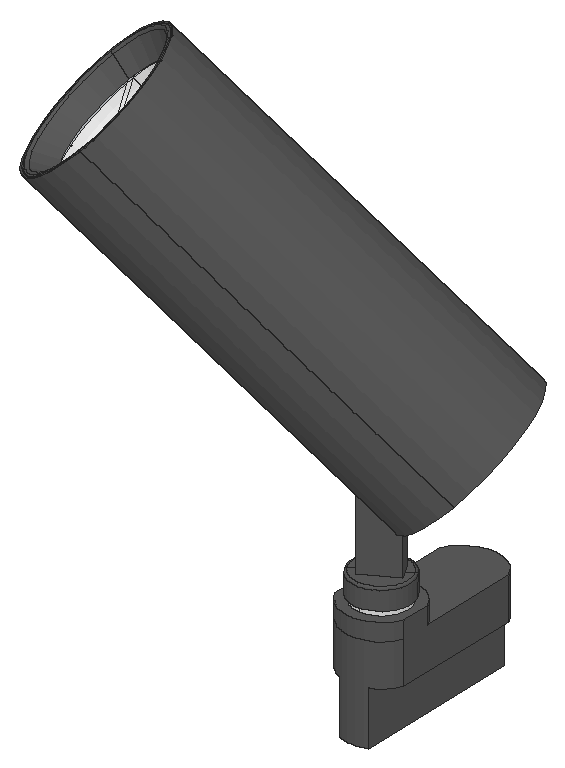
Revit family "0005425 Sylvania Lighting Fixture START Track Spot Integral 930 MB WB BLK", category Lighting Fixtures, host Face, Revit 2017
Family settings
  Host = Face
  Round Connector Dimension = Use Diameter
  Part Type = Normal
  OmniClass Number = 23.80.70.00
  OmniClass Title = Lighting
  Cut with Voids When Loaded = No
  Light Source = No
  Shared = No
  Room Calculation Point = No
Parameters (values of type "0005425 ST TRK SPT INTGRL 2700LM 930 MB BLK")
  Weight = "7.04 kg"
  Wattage Comments = ""
  WarrantyStartDate [instance] = "n/a"
  WarrantyGuarantorParts = "n/a"
  WarrantyDurationUnit = "n/a"
  WarrantyDurationParts = "n/a"
  WarrantyDescription = "n/a"
  Voltage = 230 V
  VerticalRotation_SYL [instance] = 60.00°
  VerticalEndAngle_SYL [instance] = VerticalRotation_SYL - 180.00°  # -120.00°
  URL = "http://www.sylvania-lighting.com"
  TypeName = "START Track Spot Integral 2700lm 930 MB WB BLK"
  TypeHead_SYL = START Track Spot Integral Head : 0005425 ST TRK SPT INTGRL 2700LM 930 MB BLK
  TypeArm_SYL = START Track Spot Integral Arm : START Track Spot Integral BL
  Type Image = <None>
  Type Comments = "n/a"
  SerialNumber [instance] = "n/a"
  Material_3_SYL = none
  PowerFactor = 0
  PowerConsumption = "33 W"
  NominalLength = 0 mm
  NominalHeight = 0 mm
  NominalDepth = 0 mm
  Name = "START Track Spot Integral 2700lm 930 MB WB BLK"
  ModelReference = Name  # "START Track Spot Integral 2700lm 930 MB WB BLK"
  ModelNumber = "0005425"
  Model = Name  # "START Track Spot Integral 2700lm 930 MB WB BLK"
  Material = "n/a"
  ManufacturerName = "Feilo Sylvania"
  Manufacturer = "Feilo Sylvania"
  LuminousEfficacy = "90.90 lm/W"
  LuminaireType = ""
  LightOutputRatio = "n/a"
  LampsType = Lamp  # "LED"
  LampNominalLuminous = "2700 lm"
  LampMacAdamStep = "3"
  LampColourTemperature = "3000"
  LampColourRenderingIndex = "90"
  Lamp = "LED"
  Keynote = "16500"
  InstallationDate [instance] = "n/a"
  InputVoltage = "220-240V~"
  InputNominalFrequency = "50/60 Hz"
  IngressProtection = "IP20"
  ImpactProtectionIndex = "IK03"
  IfcExportType = "IfcLightFixtureType"
  IfcExportAs = "IfcLightFixtureType"
  HorizontalRotation_SYL [instance] = 45.00°
  ExpectedLife = 50000
  ElectricShockClassification = "Class I"
  DurationUnit = "hours"
  DocumentationLiterature = "http://www.sylvania-lighting.com/product/en-int/products/0005425"
  DimmingControlOptions = "Non dimmable"
  Material_2_SYL = Spacer-Sylvania-StartTrackSpot-Aluminium
  Description = ""
  Default Elevation = 1219.2 mm
  CreatedOn = "9/6/2018"
  CreatedBy = ""
  Cost = 0
  built-in parameter 1114216 [instance] = (empty or 0)
  ClassificationValue = "EF_70_80"
  ClassificationName = "Uniclass2015"
  Material_1_SYL = Body-Sylvania-StartTrackSpot-Black
  BarCode [instance] = "n/a"
  AssetType = "Fixed"
  AssetIdentifier [instance] = "n/a"
  Assembly Code = "D5020200"
  Apparent Load = 33 VA
  Material_4_SYL = none
Types (2, lengths in mm): name | TypeName | TypeHead_SYL | Name | ModelReference | Model | LuminousEfficacy | LampNominalLuminous
  0005425 ST TRK SPT INTGRL 2700LM 930 MB BLK | "START Track Spot Integral 2700lm 930 MB WB BLK" | START Track Spot Integral Head : 0005425 ST TRK SPT INTGRL 2700LM 930 MB BLK | "START Track Spot Integral 2700lm 930 MB WB BLK" | "START Track Spot Integral 2700lm 930 MB WB BLK" | "START Track Spot Integral 2700lm 930 MB WB BLK" | "90.90 lm/W" | "2700 lm"
  0005425 ST TRK SPT INTGRL 2800LM 930 WB BLK | "START Track Spot Integral 2800lm 930 MB WB BLK" | START Track Spot Integral Head : 0005425 ST TRK SPT INTGRL 2800LM 930 WB BLK | "START Track Spot Integral 2800lm 930 MB WB BLK" | "START Track Spot Integral 2800lm 930 MB WB BLK" | "START Track Spot Integral 2800lm 930 MB WB BLK" | "93.93 lm/W" | "2800 lm"
Reference planes
  plane 1 "Center (Front/Back)": y = 0
  plane 2: z = 0
  plane 3 "Center (Left/Right)": x = 0
  plane 4: x = 16.6
  plane 5: x = -16.6
  plane 6: x = 7
  plane 7: x = -7
  plane 8: x = -12.8
  plane 9: y = 42
  plane 10: y = 42
  plane 11: y = -42
  plane 12: y = 31.4
  plane 13: y = -31.4
  plane 14: z = -26
  plane 15: z = 20.3
  plane 16: z = 28.5
  plane 17: z = 31.2
  plane 18: y = -17.4
  plane 19: y = -6.8
  plane 20: y = -24.4
Forms (mm)
  Extrusion 1, solid, material "Body-Sylvania-StartTrackSpot-Black" <- "Material_1_SYL"
    sketch origin (0, 0, 0) x (1, 0, 0) y (0, 1, 0)
      loop
        line (-16.6, 31.4) -> (-16.6, -31.4)
        arc (-16.6, -31.4) -> (0, -42) -> (16.6, -31.4) r 18.298
        line (16.6, -31.4) -> (16.6, 31.4)
        arc (16.6, 31.4) -> (0, 42) -> (-16.6, 31.4) r 18.298
    from -26 to 20.3
  Extrusion 2, void
    sketch origin (0, 0, 0) x (1, 0, 0) y (0, 1, 0)
      loop
        arc (-7, 40.608) -> (-12.666, 36.907) -> (-16.6, 31.4) r 18.298
        line (-16.6, 31.4) -> (-16.6, -31.4)
        arc (-16.6, -31.4) -> (-12.666, -36.907) -> (-7, -40.608) r 18.298
        line (-7, -40.608) -> (-7, 40.608)
      loop
        line (16.6, -31.4) -> (16.6, 31.4)
        arc (16.6, 31.4) -> (12.666, 36.907) -> (7, 40.608) r 18.298
        line (7, 40.608) -> (7, -40.608)
        arc (7, -40.608) -> (12.666, -36.907) -> (16.6, -31.4) r 18.298
    from 0 to -26
  Extrusion 3, solid, material "Body-Sylvania-StartTrackSpot-Black" <- "Material_1_SYL"
    sketch origin (1223.4, -4572, 20.3) x (0, -1, 0) y (-1, 0, 0)
      loop
        line (-4540.6, 1240) -> (-4554.6, 1240)
        arc (-4554.6, 1240) -> (-4565.2, 1223.4) -> (-4554.6, 1206.8) r 18.298
        line (-4554.6, 1206.8) -> (-4540.6, 1206.8)
        arc (-4540.6, 1206.8) -> (-4530, 1223.4) -> (-4540.6, 1240) r 18.298
    from -8.2 to 0
  Extrusion 4, solid, material "Spacer-Sylvania-StartTrackSpot-Aluminium" <- "Material_2_SYL"
    sketch origin (1223.4, -4572, 28.5) x (0, -1, 0) y (-1, 0, 0)
      loop
        circle (-4547.6, 1223.4) r 12.7
    from 0 to -2.7
  Revolve 5, solid, not visible
    sketch origin (1524, -24.4, 1219.2) x (1, 0, 0) y (0, 0, 1)
      loop
        line (-1524, -1188) -> (-1524, -1168.735) -> (-1531, -1168.735) -> (-1531, -1188) -> (-1524, -1188)
      axis (-1524, -1168.735) -> (-1524, -1188)
    angle from 60 <- "VerticalRotation_SYL" to -120 <- "VerticalEndAngle_SYL"
Cuts and joins
  Extrusion 2 cuts Extrusion 1
  joined: Extrusion 1, Extrusion 3
Lines and regions (mm)
  reference lines
    curve 1: circle (0, -24.4, 0) r 12.7 normal (0, 0, 1)
    curve 2: arc (-16.6, -31.4, 0) -> (0, -42, 0) -> (16.6, -31.4, 0) r 18.298
    curve 3: arc (-16.6, -17.4, 0) -> (0, -6.8, 0) -> (16.6, -17.4, 0) r 18.298
    curve 4: arc (-16.6, 31.4, 0) -> (0, 42, 0) -> (16.6, 31.4, 0) r 18.298
Dimensions and locks
  plane 6 to plane 3 "Center (Left/Right)" to plane 7 = 7 mm locked, 7 mm locked
  plane 4 to plane 3 "Center (Left/Right)" to plane 5 = 16.6 mm locked, 16.6 mm locked
  locked: plane 3 "Center (Left/Right)" to plane 8 at 12.8
  plane 11 to plane 1 "Center (Front/Back)" to plane 10 = 42 mm locked, 42 mm locked
  plane 13 to plane 1 "Center (Front/Back)" to plane 12 = 31.4 mm locked, 31.4 mm locked
  locked: plane 2 to plane 14 at 26
  locked: plane 15 to plane 2 at 20.3
  plane 17 to plane 16 to plane 15 = 2.7 mm locked, 8.2 mm locked
  locked: plane 13 to plane 18 at 14
  locked: plane 18 to plane 19 at 10.6
  equal spacing: plane 13, plane 20, plane 18
  locked: plane 20 to curve 2 at 0.698
  locked: curve 3 to plane 20 at 0.698
  aligned and locked: plane 2 to host face
  aligned and locked: level to host face
  aligned and locked: plane 3 "Center (Left/Right)" to curve 1
  aligned and locked: plane 20 to curve 1
  aligned and locked: plane 13 to curve 2  (x2)
  aligned and locked: plane 18 to curve 3  (x2)
  aligned and locked: plane 12 to curve 4  (x2)
  aligned and locked: plane 4 to curve 4
  aligned and locked: plane 3 "Center (Left/Right)" to curve 4
  aligned and locked: plane 5 to curve 2
  aligned and locked: plane 5 to curve 3
  aligned and locked: plane 4 to curve 3
  aligned and locked: plane 4 to curve 2
  aligned and locked: plane 12 to Extrusion 1 sketch curve
  aligned and locked: plane 13 to Extrusion 1 sketch curve
  aligned and locked: Extrusion 1 sketch curve to curve 4
  aligned and locked: Extrusion 1 sketch curve to curve 2
  aligned and locked: Extrusion 1 to plane 15
  aligned and locked: plane 14 to Extrusion 1
  aligned and locked: Extrusion 2 sketch curve to Extrusion 1  (x5)
  aligned and locked: Extrusion 2 sketch curve to plane 7
  aligned and locked: plane 14 to Extrusion 2
  aligned and locked: level to Extrusion 2
  aligned and locked: Extrusion 3 sketch curve to cut or joined group of Extrusion 1, Extrusion 2, Extrusion 3  (x2)
  aligned and locked: Extrusion 3 sketch curve to curve 3
  aligned and locked: cut or joined group of Extrusion 1, Extrusion 2, Extrusion 3 to Extrusion 3 sketch curve
  aligned and locked: Extrusion 3 to plane 16
  aligned and locked: plane 15 to Extrusion 3
  aligned and locked: Extrusion 4 sketch curve to curve 1
  aligned and locked: Extrusion 4 to plane 17
  aligned and locked: plane 16 to Extrusion 4
  aligned and locked: Revolve 5 sketch curve to plane 3 "Center (Left/Right)"
  aligned and locked: Extrusion 4 to Revolve 5 sketch curve
  aligned and locked: Revolve 5 sketch curve to Extrusion 4
  aligned and locked: plane 17 to nested 1
Automatic sketch dimensions
  host sketch curve to host sketch curve = 2438.4 mm  (x2)
  plane 12 to curve 4 = 7.698 mm
  plane 12 to Extrusion 2 sketch curve = 0 mm
  Extrusion 2 sketch curve to Extrusion 2 sketch curve = 0 mm  (x2)
  Extrusion 2 sketch curve to plane 6 = 0 mm
  Revolve 5 sketch curve to plane 7 = 0 mm
  Revolve 5 sketch curve to Revolve 5 sketch curve = 19.265 mm
  plane 14 to Revolve 5 sketch curve = 583.6 mm
  Revolve 5 sketch curve to Revolve 5 sketch curve = 2558.594 mm
  radius of curve 1 = 12.7 mm
Nested families
  nested 1: "START Track Spot Integral Arm" at (0, -24.4, 31.2) x (0, 0, -1) z (0.866, 0.5, 0), type <- "TypeArm_SYL", HorizontalRotation_SYL <- "HorizontalRotation_SYL", type "START Track Spot Integral BL"
    with HorizontalRotation_SYL 45.00°, HorizontalEndAngle_SYL -135.00°
  nested 2: "START Track Spot Integral Head" at (18.677, -13.617, 104.767) x (-0.5, 0.866, 0) z (0.6124, 0.3536, -0.7071), type <- "TypeHead_SYL", type "0005425 ST TRK SPT INTGRL 2700LM 930 MB BLK"
    with built-in parameter 1114216 (empty or 0)
Connectors
  electrical at (0, 0, 0), driven by "Apparent Load", driven by "PowerFactor", driven by "Voltage"
    settings: index 1, voltage 230 V, apparent load 33 VA, apparent load phase1 0 VA, apparent load phase2 0 VA, apparent load phase3 0 VA, power factor 0, load classification "Lighting", number of poles 1, system type 30, power factor state 1, is connector primary yes, connector utility no, sub classification motor no, connector description ""
Definition of nested family "START Track Spot Integral Arm"
  Parameters (values of type "START Track Spot Integral WH")
    URL = "http://www.sylvania-lighting.com"
    Type Image = (empty or 0)
    Type Comments = "n/a"
    Material_3_SYL = none
    Model = ""
    Manufacturer = "Feilo Sylvania"
    Keynote = ""
    Material_2_SYL = none
    HorizontalRotation_SYL [instance] = 0.00°
    HorizontalEndAngle_SYL [instance] = HorizontalRotation_SYL - 180.00°  # -180.00°
    Description = ""
    Default Elevation = 1219.2 mm
    Cost = 0
    Material_1_SYL = none
    Assembly Code = ""
    Material_4_SYL = none
  Types (2): name
    START Track Spot Integral WH
    START Track Spot Integral BL
  Reference planes
    plane 1 "Center (Front/Back)": y = 0
    plane 2: z = 0
    plane 3 "Center (Left/Right)": x = 0
    plane 4: x = -10
    plane 5: z = -14
    plane 6: z = -14
    plane 7: z = 14
    plane 8: x = -52
    plane 9: z = 9
    plane 10: z = -9
    plane 11: x = -60
    plane 12: y = 4.5
    plane 13: y = -4.5
    plane 14: x = -9
    plane 15: z = 13
    plane 16: z = 4
    plane 17: z = -4
    plane 18: x = -55
  Forms (mm)
    Extrusion 1, solid
      sketch origin (4.2, 0, 0) x (1, 0, 0) y (0, 1, 0)
        loop
          line (-1219.2, 1219.2) -> (-1219.2, -1219.2) -> (1219.2, -1219.2) -> (1219.2, 1219.2) -> (-1219.2, 1219.2)
      from 0 to -68.017
    Revolve 2, solid, material <- "Material_1_SYL"
      sketch origin (0, 0, 0) x (1, 0, 0) y (0, 0, 1)
        loop
          line (0, 0) -> (0, 14) -> (-9, 14)
          arc (-9, 14) -> (-9.707, 13.707) -> (-10, 13) r 1
          line (-10, 13) -> (-10, 0) -> (0, 0)
        axis (-10, 0) -> (0, 0)
      angle from 360 to 0
    Extrusion 3, solid, material <- "Material_1_SYL"
      sketch origin (0, 0, 0) x (1, 0, 0) y (0, 0, 1)
        loop
          line (-10, 9) -> (-55, 9)
          arc (-55, 9) -> (-58.536, 7.536) -> (-60, 4) r 5
          line (-60, 4) -> (-60, -4)
          arc (-60, -4) -> (-58.536, -7.536) -> (-55, -9) r 5
          line (-55, -9) -> (-10, -9) -> (-10, 9)
      from -4.5 to 4.5
    Revolve 4, solid, not visible
      sketch origin (-52, -4572, 2609.058) x (0, 0, 1) y (0, -1, 0)
        loop
          line (-2609.058, -4553.46) -> (-2609.058, -4590.54) -> (-2605.058, -4590.54) -> (-2605.058, -4553.46) -> (-2609.058, -4553.46)
        axis (-2609.058, -4553.46) -> (-2609.058, -4590.54)
      angle from 0 <- "HorizontalRotation_SYL" to -180 <- "HorizontalEndAngle_SYL"
  Dimensions and locks
    locked: plane 3 "Center (Left/Right)" to plane 4 at 10
    plane 7 to plane 2 to plane 6 = 14 mm locked, 14 mm locked
    locked: plane 4 to plane 8 at 42
    plane 13 to plane 1 "Center (Front/Back)" to plane 12 = 4.5 mm locked, 4.5 mm locked
    locked: plane 14 to plane 4 at 1
    locked: plane 7 to plane 15 at 1
    locked: plane 9 to plane 16 at 5
    locked: plane 17 to plane 10 at 5
    equal spacing: Revolve 4 sketch curve, plane 1 "Center (Front/Back)", Revolve 4 sketch curve
    locked: Revolve 4 sketch curve to plane 1 "Center (Front/Back)" at 18.54
    locked: plane 18 to plane 11 at 5
    locked: plane 4 to plane 11 at 50
    aligned and locked: plane 2 to Extrusion 1
    aligned and locked: level to Extrusion 1
    aligned and locked: level to Revolve 2 sketch curve  (x2)
    aligned and locked: plane 3 "Center (Left/Right)" to Revolve 2 sketch curve
    aligned and locked: Revolve 2 sketch curve to plane 7
    aligned and locked: plane 4 to Revolve 2 sketch curve
    aligned and locked: plane 15 to Revolve 2 sketch curve
    aligned and locked: plane 14 to Revolve 2 sketch curve
    aligned and locked: Revolve 2 sketch curve to plane 2
    aligned and locked: Extrusion 3 sketch curve to plane 9
    aligned and locked: plane 4 to Extrusion 3 sketch curve
    aligned and locked: plane 10 to Extrusion 3 sketch curve
    aligned and locked: Extrusion 3 sketch curve to plane 11
    aligned and locked: plane 13 to Extrusion 3
    aligned and locked: Extrusion 3 to plane 12
    aligned and locked: plane 16 to Extrusion 3 sketch curve
    aligned and locked: plane 17 to Extrusion 3 sketch curve
    aligned and locked: Revolve 4 sketch curve to level
    aligned and locked: Revolve 4 sketch curve to plane 16
    aligned and locked: Revolve 4 sketch curve to plane 2
    aligned and locked: plane 18 to Extrusion 3 sketch curve  (x2)
Definition of nested family "START Track Spot Integral Head"
  Parameters (values of type "0005432 ST TRK SPT INTGRL 5000LM 940 WB WHT")
    WidthCutOut_SYL = 9.5 mm  # constant formula
    Wattage Comments = "n/a"
    Wattage = 55 W
    built-in parameter 1150110 = 1 (stored number, unit not read)
    URL = "http://www.sylvania-lighting.com"
    Type Image = (empty or 0)
    Type Comments = "n/a"
    built-in parameter 1114217 = 1 (stored number, unit not read)
    Tilt Angle = 90.00°
    built-in parameter 1150109 = 1 (stored number, unit not read)
    built-in parameter 1150134 = 12
    built-in parameter 1150113 = 1 (stored number, unit not read)
    S_SYL = no
    RadiusLensOut_SYL = if(S_SYL, 21 mm, if(M_SYL, 30.5 mm, 33 mm))  # 33 mm
    RadiusLensHolder_SYL = 1.8 mm  # constant formula
    RadiusHead_SYL = if(S_SYL, 30 mm, if(M_SYL, 40 mm, 45.5 mm))  # 45.5 mm
    RadiusEmission_SYL = if(S_SYL, 8 mm, if(M_SYL, 16.5 mm, 16.5 mm))  # 16.5 mm
    Photometric Web File = "0005432 WB.ies"
    Material_3_SYL = none
    Model = "ST TRK SPT INTGRL 5000LM 940 WB WHT"
    Manufacturer = "Feilo Sylvania"
    M_SYL = no
    built-in parameter 1150105 = 397.89 (stored number, unit not read)
    Lumens = 5000 lm
    built-in parameter 1150115 = 1 (stored number, unit not read)
    built-in parameter 1150137 = (empty or 0)
    built-in parameter 1150139 = (empty or 0)
    built-in parameter 1150112 = 1 (stored number, unit not read)
    built-in parameter 1150114 = 1 (stored number, unit not read)
    Lamp = "LED"
    Keynote = "16500"
    Material_2_SYL = none
    built-in parameter 1150132 = (empty or 0)
    built-in parameter 1150102 = (empty or 0)
    built-in parameter 1150107 = 4000 (stored number, unit not read)
    built-in parameter 1150138 = (empty or 0)
    built-in parameter 1150106 = 3.9789 (stored number, unit not read)
    Height_SYL = if(S_SYL, 160 mm, if(M_SYL, 200 mm, 215 mm))  # 215 mm
    Emit from Circle Diameter = RadiusLensOut_SYL * 2  # 66 mm
    Emit Shape Visible in Rendering = no
    built-in parameter 1150104 = 8.4457 (stored number, unit not read)
    DistRotateAxisY_SYL = 16.8 mm  # constant formula
    Dimming Lamp Color Temperature Shift = (empty or 0)
    Description = ""
    DepthLens_SYL = 1.25 * (RadiusHead_SYL - 1 mm - RadiusLensOut_SYL)  # 14.375 mm
    DepthEmission_SYL = Height_SYL / 6.4  # 33.594 mm
    DepthCutOut_SYL = WidthCutOut_SYL * 2  # 19 mm
    Default Elevation = 1219.2 mm
    Cost = 0
    Color Filter = 16777215
    built-in parameter 1114216 [instance] = (empty or 0)
    Material_1_SYL = none
    built-in parameter 1114218 = 1 (stored number, unit not read)
    built-in parameter 1150133 = 10 (stored number, unit not read)
    Assembly Code = "D5020200"
    Apparent Load = 55 VA
    Material_4_SYL = none
  Types (24, lengths in mm): name | Wattage | built-in parameter 1150134 | S_SYL | RadiusLensOut_SYL | RadiusHead_SYL | RadiusEmission_SYL | Photometric Web File | Model | M_SYL | built-in parameter 1150105 | Lumens | built-in parameter 1150107 | built-in parameter 1150106 | Height_SYL | Emit from Circle Diameter | built-in parameter 1150104 | DepthLens_SYL | DepthEmission_SYL | Apparent Load
    0005433 ST TRK SPT INTGRL 5000LM 940 WB BLK | 55 W | 12 | no | 33 | 45.5 | 16.5 | "0005433 WB.ies" | "ST TRK SPT INTGRL 5000LM 940 WB BLK" | no | 397.89 (stored number, unit not read) | 5000 lm | 4000 (stored number, unit not read) | 3.9789 (stored number, unit not read) | 215 | 66 | 8.4457 (stored number, unit not read) | 14.375 | 33.594 | 55 VA
    0005433 ST TRK SPT INTGRL 5000LM 940 MB BLK | 55 W | 12 | no | 33 | 45.5 | 16.5 | "0005433 MB.ies" | "ST TRK SPT INTGRL 5000LM 940 MB BLK" | no | 397.89 (stored number, unit not read) | 5000 lm | 4000 (stored number, unit not read) | 3.9789 (stored number, unit not read) | 215 | 66 | 8.4457 (stored number, unit not read) | 14.375 | 33.594 | 55 VA
    0005432 ST TRK SPT INTGRL 5000LM 940 WB WHT | 55 W | 12 | no | 33 | 45.5 | 16.5 | "0005432 WB.ies" | "ST TRK SPT INTGRL 5000LM 940 WB WHT" | no | 397.89 (stored number, unit not read) | 5000 lm | 4000 (stored number, unit not read) | 3.9789 (stored number, unit not read) | 215 | 66 | 8.4457 (stored number, unit not read) | 14.375 | 33.594 | 55 VA
    0005432 ST TRK SPT INTGRL 5000LM 940 MB WHT | 55 W | 12 | no | 33 | 45.5 | 16.5 | "0005432 MB.ies" | "ST TRK SPT INTGRL 5000LM 940 MB WHT" | no | 397.89 (stored number, unit not read) | 5000 lm | 4000 (stored number, unit not read) | 3.9789 (stored number, unit not read) | 215 | 66 | 8.4457 (stored number, unit not read) | 14.375 | 33.594 | 55 VA
    0005431 ST TRK SPT INTGRL 3000LM 940 WB BLK | 33 W | 12 | no | 30.5 | 40 | 16.5 | "0005431 WB.ies" | "ST TRK SPT INTGRL 3000LM 940 WB BLK" | yes | 238.73 (stored number, unit not read) | 3000 lm | 4000 (stored number, unit not read) | 2.3873 (stored number, unit not read) | 200 | 61 | 8.4457 (stored number, unit not read) | 10.625 | 31.25 | 33 VA
    0005431 ST TRK SPT INTGRL 3000LM 940 MB BLK | 33 W | 12 | no | 30.5 | 40 | 16.5 | "0005431 MB.ies" | "ST TRK SPT INTGRL 3000LM 940 MB BLK" | yes | 238.73 (stored number, unit not read) | 3000 lm | 4000 (stored number, unit not read) | 2.3873 (stored number, unit not read) | 200 | 61 | 8.4457 (stored number, unit not read) | 10.625 | 31.25 | 33 VA
    0005430 ST TRK SPT INTGRL 3000LM 940 WB WHT | 33 W | 12 | no | 30.5 | 40 | 16.5 | "0005430 WB.ies" | "ST TRK SPT INTGRL 3000LM 940 WB WHT" | yes | 238.73 (stored number, unit not read) | 3000 lm | 4000 (stored number, unit not read) | 2.3873 (stored number, unit not read) | 200 | 61 | 8.4457 (stored number, unit not read) | 10.625 | 31.25 | 33 VA
    0005430 ST TRK SPT INTGRL 3000LM 940 MB WHT | 33 W | 12 | no | 30.5 | 40 | 16.5 | "0005430 MB.ies" | "ST TRK SPT INTGRL 3000LM 940 MB WHT" | yes | 238.73 (stored number, unit not read) | 3000 lm | 4000 (stored number, unit not read) | 2.3873 (stored number, unit not read) | 200 | 61 | 8.4457 (stored number, unit not read) | 10.625 | 31.25 | 33 VA
    0005429 ST TRK SPT INTGRL 1500LM 940 WB BLK | 17 W | 12 | yes | 21 | 30 | 8 | "0005429 WB.ies" | "ST TRK SPT INTGRL 1500LM 940 WB BLK" | no | 119.37 (stored number, unit not read) | 1500 lm | 4000 (stored number, unit not read) | 1.1937 (stored number, unit not read) | 160 | 42 | 8.1973 (stored number, unit not read) | 10 | 25 | 17 VA
    0005429 ST TRK SPT INTGRL 1500LM 940 MB BLK | 17 W | 12 | yes | 21 | 30 | 8 | "0005429 MB.ies" | "ST TRK SPT INTGRL 1500LM 940 MB BLK" | no | 119.37 (stored number, unit not read) | 1500 lm | 4000 (stored number, unit not read) | 1.1937 (stored number, unit not read) | 160 | 42 | 8.1973 (stored number, unit not read) | 10 | 25 | 17 VA
    0005428 ST TRK SPT INTGRL 1500LM 940 WB WHT | 17 W | 12 | yes | 21 | 30 | 8 | "0005428 WB.ies" | "ST TRK SPT INTGRL 1500LM 940 WB WHT" | no | 119.37 (stored number, unit not read) | 1500 lm | 4000 (stored number, unit not read) | 1.1937 (stored number, unit not read) | 160 | 42 | 8.1973 (stored number, unit not read) | 10 | 25 | 17 VA
    0005428 ST TRK SPT INTGRL 1500LM 940 MB WHT | 17 W | 12 | yes | 21 | 30 | 8 | "0005428 MB.ies" | "ST TRK SPT INTGRL 1500LM 940 MB WHT" | no | 119.37 (stored number, unit not read) | 1500 lm | 4000 (stored number, unit not read) | 1.1937 (stored number, unit not read) | 160 | 42 | 8.1973 (stored number, unit not read) | 10 | 25 | 17 VA
    0005427 ST TRK SPT INTGRL 4500LM 930 WB BLK | 55 W | (empty or 0) | no | 33 | 45.5 | 16.5 | "0005427 WB.ies" | "ST TRK SPT INTGRL 4500LM 930 WB BLK" | no | 358.1 (stored number, unit not read) | 4500 lm | 3000 (stored number, unit not read) | 3.581 (stored number, unit not read) | 215 | 66 | 7.6012 (stored number, unit not read) | 14.375 | 33.594 | 55 VA
    0005427 ST TRK SPT INTGRL 4500LM 930 MB BLK | 55 W | (empty or 0) | no | 33 | 45.5 | 16.5 | "0005427 MB.ies" | "ST TRK SPT INTGRL 4500LM 930 MB BLK" | no | 358.1 (stored number, unit not read) | 4500 lm | 3000 (stored number, unit not read) | 3.581 (stored number, unit not read) | 215 | 66 | 7.6012 (stored number, unit not read) | 14.375 | 33.594 | 55 VA
    0005426 ST TRK SPT INTGRL 4500LM 930 WB WHT | 55 W | (empty or 0) | no | 33 | 45.5 | 16.5 | "0005426 WB.ies" | "ST TRK SPT INTGRL 4500LM 930 WB WHT" | no | 358.1 (stored number, unit not read) | 4500 lm | 3000 (stored number, unit not read) | 3.581 (stored number, unit not read) | 215 | 66 | 7.6012 (stored number, unit not read) | 14.375 | 33.594 | 55 VA
    0005426 ST TRK SPT INTGRL 4500LM 930 MB WHT | 55 W | (empty or 0) | no | 33 | 45.5 | 16.5 | "0005426 MB.ies" | "ST TRK SPT INTGRL 4500LM 930 MB WHT" | no | 358.1 (stored number, unit not read) | 4500 lm | 3000 (stored number, unit not read) | 3.581 (stored number, unit not read) | 215 | 66 | 7.6012 (stored number, unit not read) | 14.375 | 33.594 | 55 VA
    0005425 ST TRK SPT INTGRL 2700LM 930 WB BLK | 33 W | (empty or 0) | no | 30.5 | 40 | 16.5 | "0005425 WB.ies" | "ST TRK SPT INTGRL 2700LM 930 WB BLK" | yes | 214.86 (stored number, unit not read) | 2700 lm | 3000 (stored number, unit not read) | 2.1486 (stored number, unit not read) | 200 | 61 | 7.6012 (stored number, unit not read) | 10.625 | 31.25 | 33 VA
    0005425 ST TRK SPT INTGRL 2700LM 930 MB BLK | 33 W | (empty or 0) | no | 30.5 | 40 | 16.5 | "0005425 MB.ies" | "ST TRK SPT INTGRL 2700LM 930 MB BLK" | yes | 214.86 (stored number, unit not read) | 2700 lm | 3000 (stored number, unit not read) | 2.1486 (stored number, unit not read) | 200 | 61 | 7.6012 (stored number, unit not read) | 10.625 | 31.25 | 33 VA
    0005424 ST TRK SPT INTGRL 2700LM 930 WB WHT | 33 W | (empty or 0) | no | 30.5 | 40 | 16.5 | "0005424 WB.ies" | "ST TRK SPT INTGRL 2700LM 930 WB WHT" | yes | 214.86 (stored number, unit not read) | 2700 lm | 3000 (stored number, unit not read) | 2.1486 (stored number, unit not read) | 200 | 61 | 7.6012 (stored number, unit not read) | 10.625 | 31.25 | 33 VA
    0005424 ST TRK SPT INTGRL 2700LM 930 MB WHT | 33 W | (empty or 0) | no | 30.5 | 40 | 16.5 | "0005424 MB.ies" | "ST TRK SPT INTGRL 2700LM 930 MB WHT" | yes | 214.86 (stored number, unit not read) | 2700 lm | 3000 (stored number, unit not read) | 2.1486 (stored number, unit not read) | 200 | 61 | 7.6012 (stored number, unit not read) | 10.625 | 31.25 | 33 VA
    0005423 ST TRK SPT INTGRL 1360LM 930 WB BLK | 17 W | (empty or 0) | yes | 21 | 30 | 8 | "0005423 WB.ies" | "ST TRK SPT INTGRL 1360LM 930 WB BLK" | no | 108.23 (stored number, unit not read) | 1360 lm | 3000 (stored number, unit not read) | 1.0823 (stored number, unit not read) | 160 | 42 | 7.4322 (stored number, unit not read) | 10 | 25 | 17 VA
    0005423 ST TRK SPT INTGRL 1360LM 930 MB BLK | 17 W | (empty or 0) | yes | 21 | 30 | 8 | "0005423 MB.ies" | "ST TRK SPT INTGRL 1360LM 930 MB BLK" | no | 108.23 (stored number, unit not read) | 1360 lm | 3000 (stored number, unit not read) | 1.0823 (stored number, unit not read) | 160 | 42 | 7.4322 (stored number, unit not read) | 10 | 25 | 17 VA
    0005422 ST TRK SPT INTGRL 1360LM 930 WB WHT | 17 W | (empty or 0) | yes | 21 | 30 | 8 | "0005422 WB.ies" | "ST TRK SPT INTGRL 1360LM 930 WB WHT" | no | 108.23 (stored number, unit not read) | 1360 lm | 3000 (stored number, unit not read) | 1.0823 (stored number, unit not read) | 160 | 42 | 7.4322 (stored number, unit not read) | 10 | 25 | 17 VA
    0005422 ST TRK SPT INTGRL 1360LM 930 MB WHT | 17 W | (empty or 0) | yes | 21 | 30 | 8 | "0005422 MB.ies" | "ST TRK SPT INTGRL 1360LM 930 MB WHT" | no | 108.23 (stored number, unit not read) | 1360 lm | 3000 (stored number, unit not read) | 1.0823 (stored number, unit not read) | 160 | 42 | 7.4322 (stored number, unit not read) | 10 | 25 | 17 VA
  Reference planes
    plane 1 "Center (Front/Back)": y = 0
    plane 2: z = 0
    plane 3 "Center (Left/Right)": x = 0
    plane 4: x = 45.5
    plane 5: z = 16.8
    plane 6: z = -198.2
    plane 7: x = 44.5
    plane 8: x = 33
    plane 9: x = 16.5
    plane 10: z = -183.825
    plane 11: z = -164.606
    plane 12: z = -11.2
    plane 13: x = 43.5
    plane 14: x = 38.25
    plane 15: z = -181.825
    plane 16: z = -162.606
    plane 17: z = -1
    plane 18: x = 4.75
    plane 19: x = -4.75
    plane 20: y = -45.5
    plane 21: y = -26.5
    plane 22: x = 42.5
    plane 23: y = -36
  Forms (mm)
    Extrusion 1, solid
      sketch origin (4.2, 0, 0) x (1, 0, 0) y (0, 1, 0)
        loop
          line (-1219.2, 1219.2) -> (-1219.2, -1219.2) -> (1219.2, -1219.2) -> (1219.2, 1219.2) -> (-1219.2, 1219.2)
      from 0 to -68.017
    Revolve 2, solid, material <- "Material_1_SYL"
      sketch origin (0, 0, 0) x (1, 0, 0) y (0, 0, 1)
        loop
          line (45.5, -198.2) -> (45.5, 16.8) -> (44.5, 16.8) -> (44.5, -198.2) -> (45.5, -198.2)
        axis (0, 16.8) -> (0, -198.2)
      angle from 360 to 0
    Revolve 3, solid, material <- "Material_1_SYL"
      sketch origin (0, 0, 0) x (1, 0, 0) y (0, 0, 1)
        loop
          line (44.5, 16.8) -> (43.5, 16.8)
          arc (43.5, 16.8) -> (38.25, 15.673) -> (33, 16.8) r 12.796
          line (33, 16.8) -> (0, 16.8) -> (0, -11.2) -> (44.5, -11.2) -> (44.5, 16.8)
        axis (0, 16.8) -> (0, -11.2)
      angle from 360 to 0
    Revolve 4, solid, material <- "Material_2_SYL"
      sketch origin (0, 0, 0) x (1, 0, 0) y (0, 0, 1)
        loop
          line (44.5, -181.825) -> (0, -181.825) -> (0, -183.825) -> (44.5, -183.825) -> (44.5, -181.825)
        axis (0, -181.825) -> (0, -183.825)
      angle from 360 to 0
    Revolve 5, solid
      sketch origin (0, 0, 0) x (1, 0, 0) y (0, 0, 1)
        loop
          line (0, -164.606) -> (16.5, -164.606)
          arc (16.5, -164.606) -> (30.37, -169.432) -> (38.25, -181.825) r 22.346
          line (38.25, -181.825) -> (44.5, -181.825) -> (44.5, -162.606) -> (0, -162.606) -> (0, -164.606)
        axis (0, -162.606) -> (0, -181.825)
      angle from 360 to 0
    Extrusion 6, void
      sketch origin (1524, -45.5, 1219.2) x (-1, 0, 0) y (0, 0, 1)
        loop
          line (1528.75, -1230.4) -> (1528.75, -1202.4) -> (1519.25, -1202.4) -> (1519.25, -1230.4) -> (1528.75, -1230.4)
      from 0 to 19
    Revolve 7, solid, material <- "Material_1_SYL"
      sketch origin (0, 0, 0) x (1, 0, 0) y (0, 0, 1)
        loop
          line (33, -183.825) -> (42.006, -197.453)
          arc (42.006, -197.453) -> (42.534, -197.999) -> (43.267, -198.2) r 1.437
          line (43.267, -198.2) -> (44.5, -198.2) -> (44.5, -183.825) -> (33, -183.825)
        axis (0, -183.825) -> (0, -198.2)
      angle from 360 to 0
  Cuts and joins
    Extrusion 6 cuts Revolve 3
    Extrusion 6 cuts Revolve 2
  Lines and regions (mm)
    reference lines
      curve 1: arc (33, 0, 16.8) -> (38.25, 0, 15.673) -> (43.5, 0, 16.8) r 12.796
      curve 2: line (33, 0, -183.825) -> (42.5, 0, -198.2)
  Dimensions and locks
    "RadiusHead_SYL": plane 4 to plane 3 "Center (Left/Right)"
    "DistRotateAxisY_SYL": plane 5 to plane 2
    "Height_SYL": plane 5 to plane 6
    locked: plane 4 to plane 7 at 1
    "RadiusLensOut_SYL": plane 8 to plane 3 "Center (Left/Right)"
    "RadiusEmission_SYL": plane 9 to plane 3 "Center (Left/Right)"
    "DepthLens_SYL": plane 10 to plane 6
    "DepthEmission_SYL": plane 11 to plane 6
    locked: plane 5 to plane 12 at 28
    locked: plane 4 to plane 13 at 2
    equal spacing: plane 13, plane 14, plane 8
    locked: plane 5 to curve 1 at 1.127
    locked: plane 15 to plane 10 at 2
    locked: plane 16 to plane 11 at 2
    locked: plane 2 to plane 17 at 1
    equal spacing: plane 18, plane 3 "Center (Left/Right)", plane 19
    "WidthCutOut_SYL": plane 18 to plane 19
    "RadiusHead_SYL": plane 20 to plane 1 "Center (Front/Back)"
    "DepthCutOut_SYL": plane 20 to plane 21
    locked: plane 4 to plane 22 at 3
    equal spacing: plane 20, plane 23, plane 21
    aligned and locked: plane 2 to Extrusion 1
    aligned and locked: level to Extrusion 1
    aligned and locked: plane 8 to curve 1
    aligned and locked: plane 13 to curve 1
    aligned and locked: plane 14 to curve 1
    aligned and locked: plane 5 to curve 1
    aligned and locked: Revolve 2 sketch curve to plane 3 "Center (Left/Right)"
    aligned and locked: Revolve 2 sketch curve to plane 6
    aligned and locked: Revolve 2 sketch curve to plane 4
    aligned and locked: plane 5 to Revolve 2 sketch curve
    aligned and locked: plane 7 to Revolve 2 sketch curve
    aligned and locked: Revolve 3 sketch curve to plane 3 "Center (Left/Right)"
    aligned and locked: Revolve 3 sketch curve to Revolve 2  (x3)
    aligned and locked: Revolve 3 sketch curve to plane 12
    aligned and locked: plane 3 "Center (Left/Right)" to Revolve 3 sketch curve
    aligned and locked: Revolve 3 sketch curve to curve 1
    aligned and locked: plane 5 to Revolve 3 sketch curve
    aligned and locked: Revolve 4 sketch curve to plane 3 "Center (Left/Right)"  (x2)
    aligned and locked: Revolve 4 sketch curve to plane 15
    aligned and locked: plane 7 to Revolve 4 sketch curve
    aligned and locked: Revolve 5 sketch curve to plane 3 "Center (Left/Right)"  (x2)
    aligned and locked: plane 3 "Center (Left/Right)" to Revolve 5 sketch curve
    aligned and locked: plane 9 to Revolve 5 sketch curve
    aligned and locked: plane 11 to Revolve 5 sketch curve
    aligned and locked: plane 14 to Revolve 5 sketch curve
    aligned and locked: plane 15 to Revolve 5 sketch curve
    aligned and locked: plane 12 to Extrusion 6 sketch curve
    aligned and locked: Extrusion 6 sketch curve to plane 19
    aligned and locked: Extrusion 6 sketch curve to plane 5
    aligned and locked: plane 18 to Extrusion 6 sketch curve
    aligned and locked: Extrusion 6 to plane 21
    aligned and locked: plane 20 to Extrusion 6
    aligned and locked: plane 10 to curve 2
    aligned and locked: plane 22 to curve 2
    aligned and locked: Revolve 7 sketch curve to plane 3 "Center (Left/Right)"
    aligned and locked: plane 10 to Revolve 7 sketch curve
    aligned and locked: Revolve 7 sketch curve to Revolve 4
    aligned and locked: Revolve 7 sketch curve to curve 2
    aligned and locked: plane 3 "Center (Left/Right)" to imposter light
    aligned and locked: imposter light to plane 1 "Center (Front/Back)"
    aligned and locked: imposter light to plane 10
  Automatic sketch dimensions
    Extrusion 1 sketch curve to Extrusion 1 sketch curve = 2438.4 mm  (x2)
    plane 6 to Revolve 2 sketch curve = 487.1 mm
    Revolve 2 sketch curve to plane 5 = 2571.558 mm
    plane 6 to Revolve 3 sketch curve = 487.1 mm
    Revolve 3 sketch curve to Revolve 3 sketch curve = 2566.685 mm
    plane 6 to Revolve 4 sketch curve = 487.1 mm
    Revolve 4 sketch curve to plane 5 = 2571.558 mm
    Revolve 5 sketch curve to plane 11 = 2 mm
    plane 6 to Revolve 5 sketch curve = 487.1 mm
    Revolve 5 sketch curve to plane 5 = 2571.558 mm
    Revolve 5 sketch curve to plane 7 = 0 mm
    Revolve 4 sketch curve to plane 10 = 0 mm
    curve 2 to plane 8 = 0 mm
    curve 1 to plane 14 = 0 mm
    curve 2 to plane 6 = 0 mm
    curve 1 to plane 13 = 0 mm
    Revolve 7 sketch curve to plane 6 = 0 mm
    Revolve 7 sketch curve to plane 22 = 0.494 mm
    Revolve 7 sketch curve to plane 13 = 0.233 mm
    plane 6 to Revolve 7 sketch curve = 474.6 mm
    Revolve 7 sketch curve to plane 5 = 2584.058 mm
